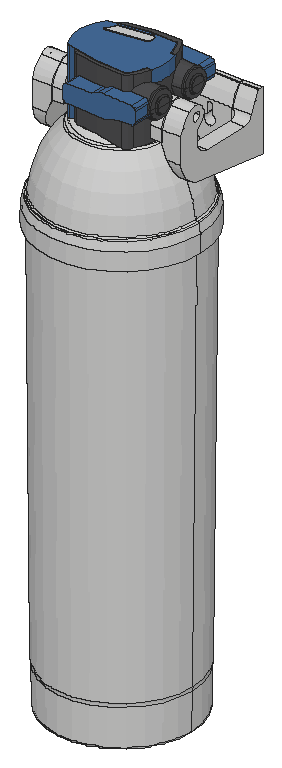
Revit family "QF_Vivreau_PURITY C500 Quell ST Advanced", category Specialty Equipment, Revit 2020
Family settings
  Round Connector Dimension = Use Diameter
  Part Type = Normal
  OmniClass Number = 23.40.40.14.24
  OmniClass Title = Food Dispensing Equipment
  Work Plane-Based = No
  Always vertical = Yes
  Cut with Voids When Loaded = No
  Shared = No
  Room Calculation Point = No
Parameters
  Width = 0' - 5 55/64"  # constant formula
  Weight in Pounds = 10.14
  Wall Bracket Location [instance] = if(Wall Bracket, 0' 0 15/16", 0' 0")  # 0' - 0 15/16"
  Wall Bracket [instance] = yes
  URL Cutsheet = "https://vivreauwater.com/wp-content/uploads/2024/06/Datasheet_VIVREAU_PURITY_C_Quell_ST_Advanced.pdf"
  URL = "https://vivreauwater.com/products/purity-c-quell-st-advanced/"
  Status = ""
  Specification by User [instance] = ""
  Specification by Manufacturer = "(1054237) Vivreau Purity C500 Quell ST ADVANCED Filter Exchange cartridge, up to 1,796 gallons capacity, catalytic carbon, ion exchange for scale, chloramine protection, taste, odor NSF (NET)"
  Serial Number [instance] = ""
  Seismic Rating = ""
  SMACNA No = ""
  Revision Code = ""
  Plumbing Remarks = ""
  Plumbing Connection Type = "NPT"
  NAFEM Spec ID Number = ""
  Mounting Height [instance] = 3' - 0"
  Model = "PURITY C500 Quell ST Advanced"
  Masterspec = "Division 11"
  Manufacturer = "Vivreau"
  Item Number [instance] = ""
  Installed By [instance] = ""
  Identify Quantity as Lot = yes
  Height = 1' - 9 197/256"  # constant formula
  Furnished By [instance] = ""
  Foodservice Equipment Identifier = yes
  Description = "Water Filter"
  Depth = 0' - 5 221/256"  # constant formula
  Default Elevation = 0' - 0"
  Cold Water Temperature Recommended = 40 °F
  Cold Water Size = 1/2"
  Cold Water RI Height = 0' - 0"
  Cold Water Minimum Pressure = 29.00 psi
  Cold Water Maximum Pressure = 124.00 psi
  Cold Water Flow = 0.440 GPM
  Cold Water Connection Height = 1' - 9"
  CSI MasterFormat = "11 46 00"
  Assembly Code = "E1090320"
Reference planes (in)
  plane 1 "BACK": y = 0
  plane 2 "REF. LAYER": z = 0
  plane 3 "Center (Left/Right)": x = 2.125
  plane 4 "Center (Front/Back)": y = -2.125
  plane 5 "Center (Bottom/Top)": z = 47.29316
  plane 6 "Center F/C": z = 57.76953
  plane 7 "Center F/G": z = 55.95224
  plane 8 "Center F/I": z = 56.86797
  plane 9 "Center F/J": x = 4.31004
  plane 10 "Center F/K": y = 0.9375
  plane 11 "Center F/S": z = 36
  plane 12 "Center F/T": x = -0.80556
  plane 13 "Center F/U": x = 5.05382
  plane 14 "Center F/V": y = -5.05612
  plane 15 "Center F/W": y = 0.80717
Forms (in)
  Revolve 1, solid, material "QF_Plastic-Grey-Vivreau"
    sketch origin (0, -2.125, 0) x (1, 0, 0) y (0, 0, 1)
      loop
        arc (2.12444, 36.23045) -> (3.38956, 36.25642) -> (4.59798, 36.63181) r 4.52345
        line (4.59798, 36.63181) -> (4.59798, 36.02069)
        arc (4.59798, 36.02069) -> (4.60404, 36.00606) -> (4.61867, 36) r 0.02069
        line (4.61867, 36) -> (4.70235, 36)
        arc (4.70235, 36) -> (4.71703, 36.00604) -> (4.7232, 36.02067) r 0.02085
        line (4.7232, 36.02067) -> (4.73499, 37.37156)
        arc (4.73499, 37.37156) -> (4.74215, 37.44281) -> (4.76216, 37.51157) r 0.39196
        line (4.76216, 37.51157) -> (4.88652, 51.95047) -> (5.05382, 51.95047) -> (5.04822, 52.59214) -> (4.96637, 52.8976)
        arc (4.96637, 52.8976) -> (4.95231, 52.91865) -> (4.92834, 52.92678) r 0.03937
        line (4.92834, 52.92678) -> (4.89246, 52.92678)
        arc (4.89246, 52.92678) -> (4.86528, 52.93767) -> (4.85313, 52.96431) r 0.03937
        arc (4.85313, 52.96431) -> (4.53924, 54.20428) -> (3.80842, 55.25402) r 3.57005
        arc (3.80842, 55.25402) -> (3.78071, 55.28126) -> (3.75272, 55.30821) r 3.6804
        arc (3.75272, 55.30821) -> (3.71893, 55.3366) -> (3.68187, 55.36057) r 0.35433
        arc (3.68187, 55.36057) -> (3.5672, 55.42144) -> (3.44977, 55.47679) r 2.72835
        line (3.44977, 55.47679) -> (3.02328, 55.47679) -> (3.02328, 55.95224) -> (2.12444, 55.95224) -> (2.12444, 36.23045)
      axis (2.12444, 55.95224) -> (2.12444, 36)
    angle from 0 to 360
Lines and regions (in)
  symbolic lines
    curve 1: arc (-0.58802, -1.01552, 0) -> (2.12941, -5.05611, 0) -> (4.83467, -1.00736, 0) r 2.93112
    curve 2: arc (0.66677, 0.41764, 0) -> (0.46868, 0.29327, 0) -> (0.28114, 0.15351, 0) r 2.93112
    curve 3: arc (3.96719, 0.15486, 0) -> (3.78043, 0.29388, 0) -> (3.58323, 0.41764, 0) r 2.93112
Dimensions and locks (in)
  plane 4 "Center (Front/Back)" to plane 1 "BACK" = 0' - 2 1/8"
  plane 8 "Center F/I" to plane 7 "Center F/G" to plane 5 "Center (Bottom/Top)" to plane 11 "Center F/S" = 0' - 0.91573" locked, 0' - 8.65907" locked, 0' - 11.29316" locked
  "Wall Bracket Location": plane 1 "BACK" to plane 10 "Center F/K"
  "Height": plane 6 "Center F/C" to plane 11 "Center F/S"
  "Mounting Height": plane 11 "Center F/S" to plane 2 "REF. LAYER"
  "Depth": plane 15 "Center F/W" to plane 14 "Center F/V"
  "Width": plane 12 "Center F/T" to plane 13 "Center F/U"
  aligned and locked: level to plane 2 "REF. LAYER"
  aligned and locked: plane 10 "Center F/K" to nested 2
  aligned and locked: plane 4 "Center (Front/Back)" to nested 1
  aligned and locked: plane 7 "Center F/G" to Revolve 1 sketch curve
  aligned and locked: plane 11 "Center F/S" to Revolve 1 sketch curve
Automatic sketch dimensions
  Revolve 1 sketch curve to plane 3 "Center (Left/Right)" = 0' - 0.91066"
  Revolve 1 sketch curve to Revolve 1 sketch curve = 0' - 0.07695"
  Revolve 1 sketch curve to plane 3 "Center (Left/Right)" = 0' - 0.00056"  (x2)
  plane 3 "Center (Left/Right)" to Revolve 1 sketch curve = 0' - 0.22066"
  plane 3 "Center (Left/Right)" to Revolve 1 sketch curve = 0' - 0.54005"
  Revolve 1 sketch curve to plane 7 "Center F/G" = 0' - 0.47545"
  plane 3 "Center (Left/Right)" to Revolve 1 sketch curve = 0' - 0.89828"
  Revolve 1 sketch curve to Revolve 1 sketch curve = 0' - 0.42649"
  Revolve 1 sketch curve to Revolve 1 sketch curve = 0' - 0.05856"
  plane 9 "Center F/J" to Revolve 1 sketch curve = 0' - 0.28794"
  plane 11 "Center F/S" to Revolve 1 sketch curve = 0' - 0.02069"
  Revolve 1 sketch curve to Revolve 1 sketch curve = 0' - 0.08369"
  plane 11 "Center F/S" to Revolve 1 sketch curve = 0' - 0.02067"
  Revolve 1 sketch curve to Revolve 1 sketch curve = 0' - 0.02085"
  plane 9 "Center F/J" to Revolve 1 sketch curve = 0' - 0.42495"
  Revolve 1 sketch curve to Revolve 1 sketch curve = 0' - 0.02717"
  plane 13 "Center F/U" to Revolve 1 sketch curve = 0' - 0.16729"
  plane 13 "Center F/U" to Revolve 1 sketch curve = 0' - 0.16136"
  Revolve 1 sketch curve to Revolve 1 sketch curve = 0' - 0.03588"
  Revolve 1 sketch curve to Revolve 1 sketch curve = 0' - 0.03803"
  plane 13 "Center F/U" to Revolve 1 sketch curve = 0' - 0.0056"
  plane 13 "Center F/U" to Revolve 1 sketch curve = 0' - 0"
  Revolve 1 sketch curve to plane 13 "Center F/U" = 0' - 0.07312"
  plane 11 "Center F/S" to Revolve 1 sketch curve = 0' - 0.23045"
  Revolve 1 sketch curve to Revolve 1 sketch curve = 0' - 0.61112"
  Revolve 1 sketch curve to Revolve 1 sketch curve = 0' - 0.73632"
  Revolve 1 sketch curve to Revolve 1 sketch curve = 0' - 0.00344"
  Revolve 1 sketch curve to Revolve 1 sketch curve = 0' - 0.64166"
  Revolve 1 sketch curve to plane 7 "Center F/G" = 0' - 3.30897"
  Revolve 1 sketch curve to Revolve 1 sketch curve = 0' - 0.0791"
  Revolve 1 sketch curve to Revolve 1 sketch curve = 0' - 0.29528"
  Revolve 1 sketch curve to Revolve 1 sketch curve = 0' - 0.01019"
  Revolve 1 sketch curve to Revolve 1 sketch curve = 0' - 0.03937"
  Revolve 1 sketch curve to Revolve 1 sketch curve = 0' - 0.25946"
  Revolve 1 sketch curve to Revolve 1 sketch curve = 0' - 0.42514"
  Revolve 1 sketch curve to Revolve 1 sketch curve = 0' - 0"  (x3)
  Revolve 1 sketch curve to Revolve 1 sketch curve = 0' - 0.0557"
  Revolve 1 sketch curve to Revolve 1 sketch curve = 0' - 0.99634"
  Revolve 1 sketch curve to Revolve 1 sketch curve = 0' - 0 3/4"
  curve 1 to curve 2 = 0' - 0"  (x2)
  curve 1 to curve 3 = 0' - 0"  (x2)
  curve 2 to curve 3 = 0' - 0"  (x2)
  curve 1 to plane 3 "Center (Left/Right)" = 0' - 0"
  plane 4 "Center (Front/Back)" to curve 2 = 0' - 0"
  curve 2 to plane 1 "BACK" = 0' - 0.41764"
  curve 2 to plane 3 "Center (Left/Right)" = 0' - 1.45823"
  curve 2 to plane 1 "BACK" = 0' - 0.15351"
  plane 12 "Center F/T" to curve 1 = 0' - 0.21753"
  curve 3 to plane 9 "Center F/J" = 0' - 0.72681"
  curve 3 to plane 1 "BACK" = 0' - 0.15486"
  curve 3 to plane 9 "Center F/J" = 0' - 0.34285"
  plane 13 "Center F/U" to curve 1 = 0' - 0.21915"
  plane 1 "BACK" to curve 1 = 0' - 1.01552"
Nested families (in)
  nested 1: "QF_Vivreau_ Filter Head_C500" at (0.56167, -0.22503, 0), Mounting Height <- "Mounting Height", type "QF_Vivreau_ Filter Head_C500"
    with Specification by User "", Serial Number "", Mounting Height 3' - 0", Installed By "", Furnished By ""
  nested 2: "QF_Vivreau_Wall Bracket_C500" at (-0.61927, 0.9375, 0), Mounting Height <- "Mounting Height", visible <- "Wall Bracket", type "QF_Vivreau_Wall Bracket_C500"
    with Specification by User "", Serial Number "", Mounting Height 3' - 0", Installed By "", Furnished By ""
Connectors (in)
  piping at (4.31004, -2.9124, 56.91406), diameter 0.5, driven by "Cold Water Size", driven by "Cold Water Flow"
    settings: on nested 1, index 1, connector inside diameter 24", connector length 0' - 0", flow factor 0, pipe flow 0.440 GPM, pressure drop 0.00 psi, fitting loss kfactor 0, connector angle 0.00°, fixture units 0, engagement length 0' - 0", angle of deflection 0.00°, flow configuration 1, flow direction 1, fitting loss method 0, system type 20, joint type 0, gender type 0, connector reference index -1, connector utility 0, adjustable connector no, is connector primary yes, connector description "Cold Water"
Definition of nested family "QF_Vivreau_ Filter Head_C500"
  Parameters (values of type "QF_Vivreau_ Filter Head_C500")
    Width = 3' - 0"
    Weight in Pounds = 0
    URL Cutsheet = ""
    Status = ""
    Specification by User [instance] = ""
    Specification by Manufacturer = ""
    Serial Number [instance] = ""
    Seismic Rating = ""
    SMACNA No = ""
    Revision Code = ""
    NAFEM Spec ID Number = ""
    Mounting Height [instance] = 3' - 0"
    Masterspec = ""
    Installed By [instance] = ""
    Identify Quantity as Lot = yes
    Height = 3' - 0"
    Furnished By [instance] = ""
    Foodservice Equipment Identifier = yes
    Depth = 3' - 0"
    Default Elevation = 0' - 0"
    CSI MasterFormat = ""
  Reference planes (in)
    plane 1 "BACK": y = 0
    plane 2 "REF. LAYER": z = 0
    plane 3 "LEFT": x = 0
    plane 4 "Center F/C": x = 3.74837
    plane 5 "Center F/D": y = -3.83618
    plane 6 "Center F/E": z = 56.91406
    plane 7 "Center F/F": z = 57.76895
    plane 8 "Center F/G": z = 55.34513
    plane 9 "Center F/H": z = 56.44072
    plane 10 "Center F/I": z = 57.26882
    plane 11 "Center F/J": y = -1.89997
    plane 12 "Center F/P": z = 36
    plane 13 "Center F/Q": z = 57.62614
  Forms (in)
    Extrusion 1, solid
      sketch origin (-0.56167, 0.22503, 0) x (1, 0, 0) y (0, 1, 0)
        loop
          arc (3.17939, -3.30146) -> (3.22697, -3.28602) -> (3.25911, -3.24769) r 0.09059
          arc (3.25911, -3.24769) -> (3.55796, -2.125) -> (3.25911, -1.00231) r 2.25819
          arc (3.25911, -1.00231) -> (3.22697, -0.96398) -> (3.17939, -0.94854) r 0.09059
          arc (3.17939, -0.94854) -> (2.02567, -0.99526) -> (0.89165, -1.21272) r 7.75678
          arc (0.89165, -1.21272) -> (0.86179, -1.21999) -> (0.83702, -1.2382) r 0.07824
          arc (0.83702, -1.2382) -> (0.56167, -2.125) -> (0.83702, -3.0118) r 1.56569
          arc (0.83702, -3.0118) -> (0.86179, -3.03001) -> (0.89165, -3.03728) r 0.07824
          arc (0.89165, -3.03728) -> (2.02567, -3.25474) -> (3.17939, -3.30146) r 7.75678
      from 55.34513 to 57.76895
    Revolve 2, solid
      sketch origin (-16.04659, -180, 56.91406) x (-1, 0, 0) y (0, -1, 0)
        loop
          line (-19.59812, -178.88743) -> (-18.72075, -178.88743) -> (-18.7668, -178.36111) -> (-19.59812, -178.37562) -> (-19.59812, -178.88743)
        axis (-18.72075, -178.88743) -> (-19.59812, -178.88743)
      angle from 0 to 360
    Revolve 3, solid
      sketch origin (-16.04659, -180, 56.91406) x (-1, 0, 0) y (0, -1, 0)
        loop
          line (-19.59812, -177.31262) -> (-18.72075, -177.31262) -> (-18.7668, -176.7863) -> (-19.59812, -176.80081) -> (-19.59812, -177.31262)
        axis (-18.72075, -177.31262) -> (-19.59812, -177.31262)
      angle from 0 to 360
    Extrusion 4, void
      sketch origin (-0.56167, 0.22503, 0) x (0, 1, 0) y (0, 0, 1)
        loop
          circle (-2.125, 56.38257) r 0.20757
      from 3.17075 to 3.70744
    Extrusion 5, void
      sketch origin (-2.8954, 0.22503, 0) x (0, 1, 0) y (0, 0, 1)
        loop
          circle (-2.125, 56.38257) r 0.20757
      from 2.77402 to 3.28855
    Revolve 6, solid
      sketch origin (-16.04659, -180, 56.91406) x (-1, 0, 0) y (0, -1, 0)
        loop
          line (-19.59812, -178.88743) -> (-19.59812, -178.41499) -> (-19.69654, -178.41499) -> (-19.69654, -178.58034) -> (-19.73591, -178.58379) -> (-19.73591, -178.63349) -> (-19.79497, -178.63349) -> (-19.79497, -178.88743) -> (-19.59812, -178.88743)
        axis (-19.59812, -178.88743) -> (-19.79497, -178.88743)
      angle from 0 to 360
    Revolve 7, solid
      sketch origin (-16.04659, -180, 56.91406) x (-1, 0, 0) y (0, -1, 0)
        loop
          line (-19.59812, -177.31262) -> (-19.59812, -176.84018) -> (-19.69654, -176.84018) -> (-19.69654, -177.00554) -> (-19.73591, -177.00898) -> (-19.73591, -177.05869) -> (-19.79497, -177.05869) -> (-19.79497, -177.31262) -> (-19.59812, -177.31262)
        axis (-19.59812, -177.31262) -> (-19.79497, -177.31262)
      angle from 0 to 360
    Extrusion 8, solid
      sketch origin (0, 0, 0) x (0, 1, 0) y (0, 0, 1)
        loop
          circle (-1.89997, 56.38257) r 0.20757
        loop
          circle (-1.89997, 56.38257) r 0.14507
      from 2.60908 to 3.01441
    Extrusion 9, solid
      sketch origin (-2.62125, 0, 0) x (0, 1, 0) y (0, 0, 1)
        loop
          circle (-1.89997, 56.38257) r 0.20757
        loop
          circle (-1.89997, 56.38257) r 0.14507
      from 2.60908 to 3.01441
    Extrusion 10, solid
      sketch origin (0, 0, 17.66797) x (1, 0, 0) y (0, 1, 0)
        loop
          arc (2.61773, -0.72352) -> (2.65703, -0.73399) -> (2.68778, -0.7606) r 0.09059
          arc (2.68778, -0.7606) -> (2.99629, -1.89997) -> (2.68778, -3.03935) r 2.25819
          arc (2.68778, -3.03935) -> (2.65703, -3.06596) -> (2.61773, -3.07643) r 0.09059
          arc (2.61773, -3.07643) -> (1.60555, -3.04475) -> (0.60613, -2.88147) r 7.75678
          arc (0.60613, -2.88147) -> (0.72009, -2.98959) -> (0.8462, -3.08325) r 1.30616
          arc (0.8462, -3.08325) -> (1.72654, -3.2138) -> (2.6163, -3.23254) r 7.05821
          arc (2.6163, -3.23254) -> (2.77551, -3.16312) -> (2.87152, -3.01839) r 0.30684
          arc (2.87152, -3.01839) -> (3.18694, -1.89997) -> (2.87152, -0.78156) r 2.14057
          arc (2.87152, -0.78156) -> (2.77551, -0.63683) -> (2.6163, -0.5674) r 0.30684
          arc (2.6163, -0.5674) -> (1.72654, -0.58614) -> (0.8462, -0.7167) r 7.05821
          arc (0.8462, -0.7167) -> (0.72009, -0.81036) -> (0.60613, -0.91847) r 1.30616
          arc (0.60613, -0.91847) -> (1.60555, -0.7552) -> (2.61773, -0.72352) r 7.75678
      from 37.67716 to 40.10098
    Extrusion 11, void
      sketch origin (0, 0, 17.66797) x (1, 0, 0) y (0, 1, 0)
        loop
          arc (2.92876, -1.35185) -> (2.99629, -1.89997) -> (2.92876, -2.4481) r 2.25819
          line (2.92876, -2.4481) -> (3.11557, -2.4481)
          arc (3.11557, -2.4481) -> (3.18694, -1.89997) -> (3.11557, -1.35185) r 2.14057
          line (3.11557, -1.35185) -> (2.92876, -1.35185)
      from 40.10098 to 39.60085
    Extrusion 12, solid
      sketch origin (0, 0, 14.25781) x (1, 0, 0) y (0, 1, 0)
        loop
          arc (0.70049, -1.02146) -> (0.59462, -1.21203) -> (0.51669, -1.41563) r 1.54109
          arc (0.51669, -1.41563) -> (0.54, -1.44367) -> (0.57618, -1.44818) r 0.04958
          arc (0.57618, -1.44818) -> (1.21574, -1.31536) -> (1.86503, -1.24405) r 6.85047
          arc (1.86503, -1.24405) -> (2.03249, -1.03201) -> (1.82552, -0.85833) r 0.19395
          arc (1.82552, -0.85833) -> (1.26009, -0.91975) -> (0.70049, -1.02146) r 7.94315
      from 43.36833 to 43.51113
    Extrusion 13, solid
      sketch origin (0, 0, 17.66797) x (1, 0, 0) y (0, 1, 0)
        loop
          arc (3.11557, -2.4481) -> (3.18694, -1.89997) -> (3.11557, -1.35185) r 2.14057
          line (3.11557, -1.35185) -> (2.92876, -1.35185)
          arc (2.92876, -1.35185) -> (2.99629, -1.89997) -> (2.92876, -2.4481) r 2.25819
          line (2.92876, -2.4481) -> (3.11557, -2.4481)
      from 39.60085 to 40.10098
    Extrusion 14, void
      sketch origin (0, 0, 14.75) x (1, 0, 0) y (0, 1, 0)
        loop
          arc (0.57618, -1.44818) -> (1.21574, -1.31536) -> (1.86503, -1.24405) r 6.85047
          arc (1.86503, -1.24405) -> (2.03249, -1.03201) -> (1.82552, -0.85833) r 0.19395
          arc (1.82552, -0.85833) -> (1.26009, -0.91975) -> (0.70049, -1.02146) r 7.94315
          arc (0.70049, -1.02146) -> (0.59462, -1.21203) -> (0.51669, -1.41563) r 1.54109
          arc (0.51669, -1.41563) -> (0.54, -1.44367) -> (0.57618, -1.44818) r 0.04958
      from 42.87614 to 43.01895
  Cuts and joins
    Extrusion 4, Extrusion 5, Extrusion 14 cuts Extrusion 1
    joined: Extrusion 1, Extrusion 13
    Extrusion 11 cuts Extrusion 10
  Lines and regions (in)
    symbolic lines
      curve 1: arc (0.32999, -2.81225, 0) -> (1.464, -3.02972, 0) -> (2.61773, -3.07643, 0) r 7.75678
      curve 2: arc (2.61773, -3.07643, 0) -> (2.6653, -3.061, 0) -> (2.69744, -3.02266, 0) r 0.09059
      curve 3: arc (2.69744, -3.02266, 0) -> (2.99629, -1.89997, 0) -> (2.69744, -0.77728, 0) r 2.25819
      curve 4: arc (2.69744, -0.77728, 0) -> (2.6653, -0.73895, 0) -> (2.61773, -0.72352, 0) r 0.09059
      curve 5: arc (2.61773, -0.72352, 0) -> (1.464, -0.77023, 0) -> (0.32999, -0.9877, 0) r 7.75678
      curve 6: arc (0.32999, -0.9877, 0) -> (0.30012, -0.99496, 0) -> (0.27535, -1.01317, 0) r 0.07824
      curve 7: arc (0.27535, -1.01317, 0) -> (0, -1.89997, 0) -> (0.27535, -2.78678, 0) r 1.56569
      curve 8: arc (0.27535, -2.78678, 0) -> (0.30012, -2.80499, 0) -> (0.32999, -2.81225, 0) r 0.07824
      curve 9: line (3.74837, -2.94131, 0) -> (3.68932, -2.94131, 0)
      curve 10: arc (0.85161, -0.6986, 0) -> (0.82653, -0.78661, 0) -> (0.80424, -0.87538, 0) r 2.89017
      curve 11: arc (0.85161, -0.6986, 0) -> (0.87512, -0.61425, 0) -> (0.90582, -0.53225, 0) r 1.0142
      curve 12: arc (0.90582, -0.53225, 0) -> (0.95826, -0.37458, 0) -> (1.01402, -0.21806, 0) r 7.87402
      curve 13: arc (1.01402, -0.21806, 0) -> (1.03304, -0.19156, 0) -> (1.06321, -0.17918, 0) r 0.05912
      curve 14: arc (1.06321, -0.17918, 0) -> (2.22788, -0.07327, 0) -> (3.39529, -0.1428, 0) r 7.79531
      curve 15: arc (3.39529, -0.1428, 0) -> (3.42859, -0.1583, 0) -> (3.44724, -0.18996, 0) r 0.0619
      curve 16: arc (3.44724, -0.18996, 0) -> (3.48188, -0.39473, 0) -> (3.50801, -0.60076, 0) r 5.02104
      curve 17: line (3.64995, -0.64013, 0) -> (3.55152, -0.64013, 0)
      curve 18: line (3.55152, -0.64013, 0) -> (3.55152, -0.60076, 0)
      curve 19: line (3.55152, -0.60076, 0) -> (3.50801, -0.60076, 0)
      curve 20: line (3.55152, -0.64013, 0) -> (3.55152, -1.62438, 0)
      curve 21: line (3.55152, -1.62438, 0) -> (2.98062, -1.63435, 0)
      curve 22: line (3.64995, -1.58501, 0) -> (3.55152, -1.58501, 0)
      curve 23: line (3.64995, -1.58501, 0) -> (3.64995, -0.64013, 0)
      curve 24: line (3.68932, -1.41621, 0) -> (3.64995, -1.41966, 0)
      curve 25: line (3.68932, -1.41621, 0) -> (3.68932, -0.80849, 0)
      curve 26: line (3.74837, -0.85864, 0) -> (3.68932, -0.85864, 0)
      curve 27: line (3.74837, -0.85864, 0) -> (3.74837, -1.36651, 0)
      curve 28: line (3.74837, -1.36651, 0) -> (3.68932, -1.36651, 0)
      curve 29: line (3.64995, -3.15982, 0) -> (3.55152, -3.15982, 0)
      curve 30: line (3.55152, -3.15982, 0) -> (3.55152, -3.19919, 0)
      curve 31: line (3.55152, -3.19919, 0) -> (3.50801, -3.19919, 0)
      curve 32: line (3.55152, -3.15982, 0) -> (3.55152, -2.17556, 0)
      curve 33: line (3.64995, -2.21493, 0) -> (3.55152, -2.21493, 0)
      curve 34: line (3.64995, -2.21493, 0) -> (3.64995, -3.15982, 0)
      curve 35: line (3.68932, -2.38373, 0) -> (3.64995, -2.38029, 0)
      curve 36: line (3.68932, -2.38373, 0) -> (3.68932, -2.99146, 0)
      curve 37: line (3.74837, -2.94131, 0) -> (3.68932, -2.94131, 0)
      curve 38: line (3.74837, -2.94131, 0) -> (3.74837, -2.43344, 0)
      curve 39: line (3.74837, -2.43344, 0) -> (3.68932, -2.43344, 0)
      curve 40: arc (0.85161, -3.10135, 0) -> (0.82653, -3.01334, 0) -> (0.80424, -2.92457, 0) r 2.89017
      curve 41: arc (0.85161, -3.10135, 0) -> (0.87512, -3.1857, 0) -> (0.90582, -3.2677, 0) r 1.0142
      curve 42: arc (0.90582, -3.2677, 0) -> (0.95826, -3.42537, 0) -> (1.01402, -3.58189, 0) r 7.87402
      curve 43: arc (1.01402, -3.58189, 0) -> (1.03304, -3.60839, 0) -> (1.06321, -3.62077, 0) r 0.05912
      curve 44: arc (1.06321, -3.62077, 0) -> (2.22788, -3.72667, 0) -> (3.39529, -3.65715, 0) r 7.79531
      curve 45: arc (3.39529, -3.65715, 0) -> (3.42859, -3.64164, 0) -> (3.44724, -3.60999, 0) r 0.0619
      curve 46: arc (3.44724, -3.60999, 0) -> (3.48188, -3.40522, 0) -> (3.50801, -3.19919, 0) r 5.02104
      curve 47: line (3.55152, -3.15982, 0) -> (3.55152, -3.19919, 0)
      curve 48: line (3.55152, -3.19919, 0) -> (3.50801, -3.19919, 0)
      curve 49: line (3.55152, -3.15982, 0) -> (3.55152, -2.17556, 0)
      curve 50: line (3.55152, -2.17556, 0) -> (2.98062, -2.1656, 0)
      curve 51: line (0, 0, 0) -> (3.74837, 0, 0)
      curve 52: line (0, -1.89997, 0) -> (2.99629, -1.89997, 0)
      curve 53: line (3.64995, -0.80549, 0) -> (3.68932, -0.80849, 0)
      curve 54: line (3.64995, -2.99446, 0) -> (3.68932, -2.99146, 0)
  Dimensions and locks (in)
    plane 7 "Center F/F" to plane 10 "Center F/I" to plane 6 "Center F/E" to plane 9 "Center F/H" to plane 8 "Center F/G" = 0' - 0.50013" locked, 0' - 0.35475" locked, 0' - 0.47334" locked, 0' - 1.09559" locked
    plane 5 "Center F/D" to plane 11 "Center F/J" to plane 1 "BACK" = 0' - 1.93621" locked, 0' - 1.89997" locked
    locked: plane 6 "Center F/E" to nested 1 at 0.05953
    locked: plane 8 "Center F/G" to plane 12 "Center F/P" at 19.34513
    "Mounting Height": plane 12 "Center F/P" to plane 2 "REF. LAYER"
    locked: plane 7 "Center F/F" to plane 13 "Center F/Q" at 0.14281
    aligned and locked: level to plane 2 "REF. LAYER"
    aligned and locked: plane 7 "Center F/F" to cut or joined group of Extrusion 1, Extrusion 4, Extrusion 5, Extrusion 13, Extrusion 14
    aligned and locked: cut or joined group of Extrusion 1, Extrusion 4, Extrusion 5, Extrusion 13, Extrusion 14 to plane 8 "Center F/G"
    aligned and locked: nested 1 to plane 11 "Center F/J"
    aligned and locked: plane 11 "Center F/J" to nested 1
    aligned and locked: Extrusion 10 to plane 8 "Center F/G"
    aligned and locked: plane 7 "Center F/F" to Extrusion 10
    aligned and locked: Extrusion 13 to plane 10 "Center F/I"
    aligned and locked: Extrusion 11 to plane 7 "Center F/F"
    aligned and locked: Extrusion 11 to plane 10 "Center F/I"
    aligned and locked: plane 7 "Center F/F" to Extrusion 13
    aligned and locked: Extrusion 12 to plane 13 "Center F/Q"
    aligned and locked: plane 7 "Center F/F" to Extrusion 12
    aligned and locked: Extrusion 14 to plane 13 "Center F/Q"
    aligned and locked: plane 7 "Center F/F" to Extrusion 14
  Automatic sketch dimensions
    curve 51 to level = 0' - 0"
    curve 51 to plane 3 "LEFT" = 0' - 0"
    curve 51 to plane 4 "Center F/C" = 0' - 0"
    curve 52 to plane 3 "LEFT" = 0' - 0"
    plane 11 "Center F/J" to curve 3 = 0' - 0"
    plane 11 "Center F/J" to curve 7 = 0' - 0"
    plane 11 "Center F/J" to curve 52 = 0' - 0"
    curve 39 to plane 4 "Center F/C" = 0' - 0"
    curve 28 to plane 4 "Center F/C" = 0' - 0"
    curve 16 to plane 3 "LEFT" = 0' - 1.48511"
    curve 46 to plane 3 "LEFT" = 0' - 1.48511"
    plane 3 "LEFT" to curve 8 = 0' - 0.33318"
    plane 3 "LEFT" to curve 6 = 0' - 0.33318"
    plane 3 "LEFT" to curve 3 = 0' - 0.7381"
    plane 1 "BACK" to curve 13 = 0' - 0.23795"
    plane 3 "LEFT" to curve 13 = 0' - 1.0697"
    curve 43 to plane 5 "Center F/D" = 0' - 0.27418"
    plane 3 "LEFT" to curve 43 = 0' - 1.0697"
    curve 3 to curve 7 = 0' - 0.82759"
    curve 7 to curve 11 = 0' - 0.27372"
    curve 7 to curve 41 = 0' - 0.27372"
    curve 14 to plane 4 "Center F/C" = 0' - 1.39888"
    curve 44 to plane 4 "Center F/C" = 0' - 1.39888"
    curve 44 to curve 1 = 0' - 0.00431"
    curve 14 to curve 5 = 0' - 0.00431"
    curve 41 to curve 2 = 0' - 0.77523"
    curve 11 to curve 4 = 0' - 0.77523"
    plane 1 "BACK" to curve 15 = 0' - 0.20414"
    curve 15 to plane 4 "Center F/C" = 0' - 0.36139"
    curve 45 to plane 4 "Center F/C" = 0' - 0.36139"
    curve 48 to plane 4 "Center F/C" = 0' - 0.24036"
    curve 19 to plane 4 "Center F/C" = 0' - 0.24036"
    curve 16 to curve 19 = 0' - 0.04351"
    curve 31 to curve 48 = 0' - 0.04351"
    curve 22 to curve 10 = 0' - 0.0667"
    curve 33 to curve 40 = 0' - 0.0667"
    curve 17 to curve 17 = 0' - 0.09843"
    curve 29 to curve 34 = 0' - 0.09843"
    curve 24 to curve 25 = 0' - 0.03937"
    curve 35 to curve 35 = 0' - 0.03937"
    plane 1 "BACK" to curve 42 = 0' - 0.86161"
    plane 4 "Center F/C" to curve 42 = 0' - 4.65484"
    curve 12 to plane 5 "Center F/D" = 0' - 0.89785"
    curve 12 to curve 42 = 0' - 0"
    curve 45 to plane 5 "Center F/D" = 0' - 0.24037"
    plane 5 "Center F/D" to curve 14 = 0' - 4.03145"
    curve 5 to curve 14 = 0' - 0.60817"
    curve 45 to curve 47 = 0' - 0.39662"
    curve 30 to curve 34 = 0' - 0.03937"
    curve 29 to curve 36 = 0' - 0.16836"
    curve 2 to plane 5 "Center F/D" = 0' - 0.85029"
    curve 36 to curve 9 = 0' - 0.05014"
    curve 2 to curve 41 = 0' - 0.11446"
    plane 11 "Center F/J" to curve 8 = 0' - 0.8341"
    plane 11 "Center F/J" to curve 46 = 0' - 0.77047"
    curve 9 to curve 39 = 0' - 0.50787"
    curve 39 to curve 36 = 0' - 0.04971"
    curve 35 to curve 40 = 0' - 0.11843"
    curve 40 to curve 34 = 0' - 0.05037"
    curve 33 to curve 49 = 0' - 0.03937"
    curve 21 to plane 11 "Center F/J" = 0' - 0.27559"
    curve 20 to curve 22 = 0' - 0.03937"
    curve 22 to curve 10 = 0' - 0.05037"
    curve 10 to curve 24 = 0' - 0.11843"
    curve 24 to curve 27 = 0' - 0.04971"
    curve 16 to plane 11 "Center F/J" = 0' - 0.77047"
    curve 6 to plane 11 "Center F/J" = 0' - 0.8341"
    plane 1 "BACK" to curve 11 = 0' - 0.92852"
    curve 27 to curve 26 = 0' - 0.50787"
    curve 11 to curve 4 = 0' - 0.11446"
    curve 26 to curve 25 = 0' - 0.05014"
    curve 25 to curve 17 = 0' - 0.16836"
    curve 17 to curve 19 = 0' - 0.03937"
    curve 44 to plane 1 "BACK" = 0' - 4.06768"
    curve 44 to curve 1 = 0' - 0.60817"
    curve 8 to curve 8 = 0' - 0.05783"
    curve 6 to curve 6 = 0' - 0.05783"
    curve 7 to curve 6 = 0' - 0.05464"
    curve 8 to curve 8 = 0' - 0.05464"
    curve 8 to curve 40 = 0' - 0.47425"
    curve 5 to curve 10 = 0' - 0.47425"
    curve 40 to curve 40 = 0' - 0.04737"
    curve 10 to curve 10 = 0' - 0.04737"
    curve 10 to curve 11 = 0' - 0.05421"
    curve 41 to curve 41 = 0' - 0.05421"
    curve 43 to curve 43 = 0' - 0.05568"
    curve 12 to curve 13 = 0' - 0.05568"
    curve 43 to curve 43 = 0' - 0.00649"
    curve 13 to curve 13 = 0' - 0.00649"
    curve 4 to curve 5 = 0' - 0"
    curve 2 to curve 1 = 0' - 0"
    curve 2 to curve 2 = 0' - 0.08279"
    curve 21 to plane 11 "Center F/J" = 0' - 0 17/64"
    plane 11 "Center F/J" to curve 50 = 0' - 0 17/64"
    curve 15 to curve 14 = 0' - 0"
    curve 45 to curve 44 = 0' - 0"
    curve 54 to curve 36 = 0' - 0.00301"
    curve 35 to curve 35 = 0' - 0.00344"
    curve 24 to curve 24 = 0' - 0.00344"
    curve 25 to curve 53 = 0' - 0.00301"
    plane 11 "Center F/J" to Extrusion 1 sketch curve = 0' - 0"  (x2)
    plane 3 "LEFT" to Extrusion 1 sketch curve = 0' - 0.33318"  (x2)
    plane 3 "LEFT" to Extrusion 1 sketch curve = 0' - 0.7381"
    Extrusion 1 sketch curve to Extrusion 1 sketch curve = 0' - 0.82759"
    Extrusion 1 sketch curve to plane 4 "Center F/C" = 0' - 1.39457"  (x2)
    Extrusion 1 sketch curve to plane 4 "Center F/C" = 0' - 1.13373"  (x2)
    plane 11 "Center F/J" to Extrusion 1 sketch curve = 0' - 0.8341"
    Extrusion 1 sketch curve to plane 5 "Center F/D" = 0' - 0.85029"
    plane 5 "Center F/D" to Extrusion 1 sketch curve = 0' - 4.63962"
    Extrusion 1 sketch curve to plane 11 "Center F/J" = 0' - 0.8341"
    plane 1 "BACK" to Extrusion 1 sketch curve = 0' - 0.81406"
    Extrusion 1 sketch curve to plane 1 "BACK" = 0' - 4.67585"
    Extrusion 1 sketch curve to Extrusion 1 sketch curve = 0' - 0.0032"  (x2)
    Extrusion 1 sketch curve to Extrusion 1 sketch curve = 0' - 0.05464"  (x2)
    Extrusion 1 sketch curve to Extrusion 1 sketch curve = 0' - 0.00308"  (x2)
    Extrusion 1 sketch curve to Extrusion 1 sketch curve = 0' - 0"
    Extrusion 1 sketch curve to Extrusion 1 sketch curve = 0' - 0.08279"
    Revolve 2 sketch curve to plane 4 "Center F/C" = 0' - 0.19685"
    Revolve 2 sketch curve to plane 11 "Center F/J" = 0' - 0.26108"
    Revolve 2 sketch curve to Revolve 2 sketch curve = 0' - 0.83132"
    Revolve 2 sketch curve to Revolve 2 sketch curve = 0' - 0.04605"
    Revolve 2 sketch curve to plane 11 "Center F/J" = 0' - 0.27559"
    Revolve 2 sketch curve to Revolve 2 sketch curve = 0' - 0.52632"
    Revolve 2 sketch curve to Revolve 2 sketch curve = 0' - 0"  (x3)
    Revolve 3 sketch curve to plane 4 "Center F/C" = 0' - 0.19685"
    Revolve 3 sketch curve to Revolve 3 sketch curve = 0' - 0.83132"
    Revolve 3 sketch curve to Revolve 3 sketch curve = 0' - 0.04605"
    plane 11 "Center F/J" to Revolve 3 sketch curve = 0' - 0.7874"
    Revolve 3 sketch curve to Revolve 3 sketch curve = 0' - 0.51181"
    Revolve 3 sketch curve to Revolve 3 sketch curve = 0' - 0.52632"
    Revolve 3 sketch curve to Revolve 3 sketch curve = 0' - 0"  (x3)
    Extrusion 4 sketch curve to plane 11 "Center F/J" = 0' - 0"
    Extrusion 4 sketch curve to plane 9 "Center F/H" = 0' - 0.05816"
    Extrusion 5 sketch curve to plane 11 "Center F/J" = 0' - 0"
    Extrusion 5 sketch curve to plane 9 "Center F/H" = 0' - 0.05816"
    Revolve 6 sketch curve to plane 4 "Center F/C" = 0' - 0"
    Revolve 6 sketch curve to plane 4 "Center F/C" = 0' - 0.05906"
    Revolve 6 sketch curve to Revolve 6 sketch curve = 0' - 0.03937"
    Revolve 6 sketch curve to Revolve 6 sketch curve = 0' - 0.09843"
    Revolve 6 sketch curve to plane 11 "Center F/J" = 0' - 0.7874"
    Revolve 6 sketch curve to Revolve 6 sketch curve = 0' - 0.25394"
    Revolve 6 sketch curve to Revolve 6 sketch curve = 0' - 0.04971"
    Revolve 6 sketch curve to Revolve 6 sketch curve = 0' - 0.00344"
    Revolve 6 sketch curve to Revolve 6 sketch curve = 0' - 0.16535"
    Revolve 6 sketch curve to Revolve 6 sketch curve = 0' - 0.0902"
    Revolve 6 sketch curve to Revolve 6 sketch curve = 0' - 0"  (x2)
    Revolve 7 sketch curve to plane 4 "Center F/C" = 0' - 0"
    Revolve 7 sketch curve to plane 4 "Center F/C" = 0' - 0.05906"
    Revolve 7 sketch curve to Revolve 7 sketch curve = 0' - 0.03937"
    Revolve 7 sketch curve to Revolve 7 sketch curve = 0' - 0.09843"
    plane 11 "Center F/J" to Revolve 7 sketch curve = 0' - 0.7874"
    Revolve 7 sketch curve to Revolve 7 sketch curve = 0' - 0.25394"
    Revolve 7 sketch curve to Revolve 7 sketch curve = 0' - 0.04971"
    Revolve 7 sketch curve to Revolve 7 sketch curve = 0' - 0.00344"
    Revolve 7 sketch curve to Revolve 7 sketch curve = 0' - 0.16535"
    Revolve 7 sketch curve to Revolve 7 sketch curve = 0' - 0.0902"
    Revolve 7 sketch curve to Revolve 7 sketch curve = 0' - 0"  (x2)
    Extrusion 8 sketch curve to Extrusion 8 sketch curve = 0' - 0"  (x6)
    Extrusion 8 sketch curve to plane 11 "Center F/J" = 0' - 0"
    Extrusion 8 sketch curve to plane 9 "Center F/H" = 0' - 0.05816"
    plane 11 "Center F/J" to Extrusion 8 sketch curve = 0' - 0.14507"
    Extrusion 9 sketch curve to Extrusion 9 sketch curve = 0' - 0"  (x6)
    Extrusion 9 sketch curve to plane 11 "Center F/J" = 0' - 0"
    Extrusion 9 sketch curve to plane 9 "Center F/H" = 0' - 0.05816"
    plane 11 "Center F/J" to Extrusion 9 sketch curve = 0' - 0.14507"
    plane 11 "Center F/J" to Extrusion 10 sketch curve = 0' - 0"  (x2)
    plane 3 "LEFT" to Extrusion 10 sketch curve = 0' - 0.7381"
    Extrusion 10 sketch curve to Extrusion 10 sketch curve = 0' - 0.30827"
    plane 11 "Center F/J" to Extrusion 10 sketch curve = 0' - 0.08971"
    Extrusion 10 sketch curve to Extrusion 10 sketch curve = 0' - 0.5141"
    Extrusion 10 sketch curve to Extrusion 10 sketch curve = 0' - 0"  (x3)
    Extrusion 10 sketch curve to plane 4 "Center F/C" = 0' - 1.42862"  (x2)
    Extrusion 10 sketch curve to Extrusion 10 sketch curve = 0' - 0.03406"  (x2)
    Extrusion 10 sketch curve to plane 4 "Center F/C" = 0' - 1.1701"  (x2)
    Extrusion 10 sketch curve to Extrusion 10 sketch curve = 0' - 0.03637"  (x2)
    Extrusion 10 sketch curve to plane 5 "Center F/D" = 0' - 0.90812"
    Extrusion 10 sketch curve to Extrusion 10 sketch curve = 0' - 0.05782"  (x2)
    plane 5 "Center F/D" to Extrusion 10 sketch curve = 0' - 3.78319"
    Extrusion 10 sketch curve to Extrusion 10 sketch curve = 0' - 0.85642"  (x2)
    Extrusion 10 sketch curve to plane 11 "Center F/J" = 0' - 0.08971"
    plane 1 "BACK" to Extrusion 10 sketch curve = 0' - 0.87188"
    Extrusion 10 sketch curve to plane 1 "BACK" = 0' - 3.81943"
    plane 3 "LEFT" to Extrusion 10 sketch curve = 0' - 0.60613"  (x2)
    Extrusion 10 sketch curve to Extrusion 10 sketch curve = 0' - 0.24007"  (x2)
    Extrusion 10 sketch curve to Extrusion 10 sketch curve = 0' - 0.00166"  (x2)
    Extrusion 10 sketch curve to Extrusion 10 sketch curve = 0' - 0.00308"  (x2)
    Extrusion 10 sketch curve to Extrusion 10 sketch curve = 0' - 0.07006"
    Extrusion 10 sketch curve to Extrusion 10 sketch curve = 0' - 0.18374"
    plane 11 "Center F/J" to Extrusion 11 sketch curve = 0' - 0"  (x2)
    plane 3 "LEFT" to Extrusion 11 sketch curve = 0' - 0.7381"
    Extrusion 11 sketch curve to Extrusion 11 sketch curve = 0' - 0.30827"
    Extrusion 11 sketch curve to plane 4 "Center F/C" = 0' - 0.81961"
    Extrusion 11 sketch curve to plane 11 "Center F/J" = 0' - 0.54813"
    Extrusion 11 sketch curve to Extrusion 11 sketch curve = 0' - 0"
    Extrusion 11 sketch curve to Extrusion 11 sketch curve = 0' - 0.18681"
    plane 3 "LEFT" to Extrusion 12 sketch curve = 0' - 0.5638"
    Extrusion 12 sketch curve to Extrusion 12 sketch curve = 0' - 1.27575"
    Extrusion 12 sketch curve to plane 11 "Center F/J" = 0' - 0.03665"
    Extrusion 12 sketch curve to Extrusion 12 sketch curve = 0' - 0.15177"
    Extrusion 12 sketch curve to plane 4 "Center F/C" = 0' - 1.46099"
    Extrusion 12 sketch curve to Extrusion 12 sketch curve = 0' - 0.11254"
    plane 5 "Center F/D" to Extrusion 12 sketch curve = 0' - 4.2453"
    Extrusion 12 sketch curve to Extrusion 12 sketch curve = 0' - 0 179/256"
    Extrusion 12 sketch curve to plane 11 "Center F/J" = 0' - 0.4998"
    Extrusion 12 sketch curve to Extrusion 12 sketch curve = 0' - 0.81155"
    Extrusion 12 sketch curve to Extrusion 12 sketch curve = 0' - 0.04711"
    Extrusion 12 sketch curve to Extrusion 12 sketch curve = 0' - 0.01238"
    Extrusion 12 sketch curve to Extrusion 12 sketch curve = 0' - 0"  (x2)
    Extrusion 12 sketch curve to Extrusion 12 sketch curve = 0' - 0.13669"
    plane 11 "Center F/J" to Extrusion 13 sketch curve = 0' - 0"  (x2)
    plane 3 "LEFT" to Extrusion 13 sketch curve = 0' - 0.7381"
    Extrusion 13 sketch curve to Extrusion 13 sketch curve = 0' - 0.30827"
    Extrusion 13 sketch curve to plane 4 "Center F/C" = 0' - 0.81961"
    plane 11 "Center F/J" to Extrusion 13 sketch curve = 0' - 0.54813"
    Extrusion 13 sketch curve to Extrusion 13 sketch curve = 0' - 0"
    Extrusion 13 sketch curve to Extrusion 13 sketch curve = 0' - 0.18681"
    plane 3 "LEFT" to Extrusion 14 sketch curve = 0' - 0.5638"
    Extrusion 14 sketch curve to Extrusion 14 sketch curve = 0' - 1.27575"
    Extrusion 14 sketch curve to plane 11 "Center F/J" = 0' - 0.03665"
    Extrusion 14 sketch curve to Extrusion 14 sketch curve = 0' - 0.15177"
    Extrusion 14 sketch curve to plane 4 "Center F/C" = 0' - 1.46099"
    Extrusion 14 sketch curve to Extrusion 14 sketch curve = 0' - 0.11254"
    plane 5 "Center F/D" to Extrusion 14 sketch curve = 0' - 4.2453"
    Extrusion 14 sketch curve to Extrusion 14 sketch curve = 0' - 0 179/256"
    Extrusion 14 sketch curve to plane 11 "Center F/J" = 0' - 0.4998"
    Extrusion 14 sketch curve to Extrusion 14 sketch curve = 0' - 0.81155"
    Extrusion 14 sketch curve to Extrusion 14 sketch curve = 0' - 0.04711"
    Extrusion 14 sketch curve to Extrusion 14 sketch curve = 0' - 0.01238"
    Extrusion 14 sketch curve to Extrusion 14 sketch curve = 0' - 0"  (x2)
    Extrusion 14 sketch curve to Extrusion 14 sketch curve = 0' - 0.13669"
    radius of Extrusion 4 sketch curve = 0' - 0.20757"
    radius of Extrusion 5 sketch curve = 0' - 0.20757"
    radius of Extrusion 8 sketch curve = 0' - 0.20757"
    radius of Extrusion 9 sketch curve = 0' - 0.20757"
  Nested families (in)
    nested 1: "QF_Vivreau_Filter Handles" at (0, 0.00348, 56.44081), type "QF_Vivreau_Filter Handles"
      with Specification by User "", Serial Number "", Installed By "", Furnished By ""
  Definition of nested family "QF_Vivreau_Filter Handles"
    Parameters (values of type "QF_Vivreau_Filter Handles")
      Width = 3' - 0"
      Weight in Pounds = 0
      URL Cutsheet = ""
      Status = ""
      Specification by User [instance] = ""
      Specification by Manufacturer = ""
      Serial Number [instance] = ""
      Seismic Rating = ""
      SMACNA No = ""
      Revision Code = ""
      NAFEM Spec ID Number = ""
      Masterspec = ""
      Installed By [instance] = ""
      Identify Quantity as Lot = yes
      Height = 3' - 0"
      Furnished By [instance] = ""
      Foodservice Equipment Identifier = yes
      Depth = 3' - 0"
      Default Elevation = 0' - 0"
      CSI MasterFormat = ""
    Reference planes (in)
      plane 1 "BACK": y = 0
      plane 2 "REF. LAYER": z = 0
      plane 3 "LEFT": x = 0
      plane 4 "Center F/C": y = -3.80691
      plane 5 "Center F/D": y = -1.90346
      plane 6 "Center F/E": z = 0.82744
      plane 7 "Center F/G": z = 0.41372
    Forms (in)
      Extrusion 1, solid
        sketch origin (0, 0, 0.00057) x (1, 0, 0) y (0, 0, 1)
          loop
            arc (0.8571, 0.55383) -> (0.83682, 0.35511) -> (0.85692, 0.15637) r 0.98817
            arc (0.85692, 0.15637) -> (0.86589, 0.12276) -> (0.88395, 0.09303) r 0.12237
            arc (0.88395, 0.09303) -> (0.93471, 0.05225) -> (0.99753, 0.03515) r 0.15952
            arc (0.99753, 0.03515) -> (1.67538, 0.00582) -> (2.35383, -0.00057) r 20.04898
            arc (2.35383, -0.00057) -> (2.46018, 0.01423) -> (2.5591, 0.056) r 0.41198
            arc (2.5591, 0.056) -> (2.66038, 0.09965) -> (2.76926, 0.11724) r 0.44816
            arc (2.76926, 0.11724) -> (2.80698, 0.11798) -> (2.84471, 0.11743) r 1.0994
            arc (2.84471, 0.11743) -> (3.11065, 0.13237) -> (3.37687, 0.14075) r 10.80002
            arc (3.37687, 0.14075) -> (3.46417, 0.17008) -> (3.51799, 0.24481) r 0.15034
            arc (3.51799, 0.24481) -> (3.52598, 0.27307) -> (3.53184, 0.30184) r 0.39378
            arc (3.53184, 0.30184) -> (3.5372, 0.4622) -> (3.53184, 0.62256) r 2.40126
            arc (3.53184, 0.62256) -> (3.52497, 0.65354) -> (3.51681, 0.6842) r 0.75395
            arc (3.51681, 0.6842) -> (3.46404, 0.75745) -> (3.37897, 0.78767) r 0.1515
            line (3.37897, 0.78767) -> (2.35397, 0.82744)
            arc (2.35397, 0.82744) -> (2.24358, 0.81406) -> (2.14136, 0.77028) r 0.39277
            arc (2.14136, 0.77028) -> (2.03449, 0.72381) -> (1.91904, 0.70788) r 0.42817
            arc (1.91904, 0.70788) -> (1.45811, 0.69557) -> (0.99753, 0.67361) r 21.98526
            arc (0.99753, 0.67361) -> (0.93424, 0.65729) -> (0.88352, 0.61606) r 0.1531
            arc (0.88352, 0.61606) -> (0.86721, 0.58626) -> (0.8571, 0.55383) r 0.17143
        from 0.08356 to 0.9172
      Extrusion 2, solid
        sketch origin (0, -2.80616, 0.00057) x (1, 0, 0) y (0, 0, 1)
          loop
            arc (0.8571, 0.55383) -> (0.83682, 0.35511) -> (0.85692, 0.15637) r 0.98817
            arc (0.85692, 0.15637) -> (0.86589, 0.12276) -> (0.88395, 0.09303) r 0.12237
            arc (0.88395, 0.09303) -> (0.93471, 0.05225) -> (0.99753, 0.03515) r 0.15952
            arc (0.99753, 0.03515) -> (1.67538, 0.00582) -> (2.35383, -0.00057) r 20.04898
            arc (2.35383, -0.00057) -> (2.46018, 0.01423) -> (2.5591, 0.056) r 0.41198
            arc (2.5591, 0.056) -> (2.66038, 0.09965) -> (2.76926, 0.11724) r 0.44816
            arc (2.76926, 0.11724) -> (2.80698, 0.11798) -> (2.84471, 0.11743) r 1.0994
            arc (2.84471, 0.11743) -> (3.11065, 0.13237) -> (3.37687, 0.14075) r 10.80002
            arc (3.37687, 0.14075) -> (3.46417, 0.17008) -> (3.51799, 0.24481) r 0.15034
            arc (3.51799, 0.24481) -> (3.52598, 0.27307) -> (3.53184, 0.30184) r 0.39378
            arc (3.53184, 0.30184) -> (3.5372, 0.4622) -> (3.53184, 0.62256) r 2.40126
            arc (3.53184, 0.62256) -> (3.52497, 0.65354) -> (3.51681, 0.6842) r 0.75395
            arc (3.51681, 0.6842) -> (3.46404, 0.75745) -> (3.37897, 0.78767) r 0.1515
            line (3.37897, 0.78767) -> (2.35397, 0.82744)
            arc (2.35397, 0.82744) -> (2.24358, 0.81406) -> (2.14136, 0.77028) r 0.39277
            arc (2.14136, 0.77028) -> (2.03449, 0.72381) -> (1.91904, 0.70788) r 0.42817
            arc (1.91904, 0.70788) -> (1.45811, 0.69557) -> (0.99753, 0.67361) r 21.98526
            arc (0.99753, 0.67361) -> (0.93424, 0.65729) -> (0.88352, 0.61606) r 0.1531
            arc (0.88352, 0.61606) -> (0.86721, 0.58626) -> (0.8571, 0.55383) r 0.17143
        from 0.08356 to 0.9172
    Lines and regions (in)
      symbolic lines
        curve 1: line (1.75, -1.90346, 0) -> (3.5, -1.90346, 0)
        curve 2: line (0.83856, 0, 0.41372) -> (3.5367, 0, 0.41372)
    Dimensions and locks (in)
      locked: plane 6 "Center F/E" to plane 2 "REF. LAYER" at 0.82744
      equal spacing: plane 6 "Center F/E", plane 7 "Center F/G", plane 2 "REF. LAYER"
      aligned and locked: level to plane 2 "REF. LAYER"
    Automatic sketch dimensions
      curve 2 to plane 7 "Center F/G" = 0' - 0"
      plane 3 "LEFT" to curve 2 = 0' - 0.83856"
      curve 2 to curve 2 = 0' - 2.69814"
      curve 1 to plane 5 "Center F/D" = 0' - 0"
      plane 3 "LEFT" to curve 1 = 0' - 1 3/4"
      curve 1 to curve 1 = 0' - 1 3/4"
      Extrusion 1 sketch curve to level = 0' - 0"  (x2)
      level to Extrusion 1 sketch curve = 0' - 0.17134"
      plane 3 "LEFT" to Extrusion 1 sketch curve = 0' - 0.97844"
      plane 7 "Center F/G" to Extrusion 1 sketch curve = 0' - 0.10746"
      Extrusion 1 sketch curve to Extrusion 1 sketch curve = 0' - 0.02478"
      Extrusion 1 sketch curve to Extrusion 1 sketch curve = 0' - 0.02868"
      Extrusion 1 sketch curve to Extrusion 1 sketch curve = 0' - 0.02179"
      plane 7 "Center F/G" to Extrusion 1 sketch curve = 0' - 0.04905"
      Extrusion 1 sketch curve to Extrusion 1 sketch curve = 0' - 0.11092"
      Extrusion 1 sketch curve to plane 7 "Center F/G" = 0' - 0.05849"
      Extrusion 1 sketch curve to Extrusion 1 sketch curve = 0' - 0.68906"
      Extrusion 1 sketch curve to Extrusion 1 sketch curve = 0' - 0.09378"
      plane 3 "LEFT" to Extrusion 1 sketch curve = 0' - 2.20319"
      plane 3 "LEFT" to Extrusion 1 sketch curve = 0' - 2.27513"
      plane 7 "Center F/G" to Extrusion 1 sketch curve = 0' - 0.0216"
      Extrusion 1 sketch curve to Extrusion 1 sketch curve = 0' - 0.52056"
      Extrusion 1 sketch curve to plane 7 "Center F/G" = 0' - 0.00175"
      Extrusion 1 sketch curve to Extrusion 1 sketch curve = 0' - 0.00519"
      plane 6 "Center F/E" to Extrusion 1 sketch curve = 0' - 0.00057"
      Extrusion 1 sketch curve to Extrusion 1 sketch curve = 0' - 0.00842"
      Extrusion 1 sketch curve to Extrusion 1 sketch curve = 0' - 0.43503"
      plane 7 "Center F/G" to Extrusion 1 sketch curve = 0' - 0.06185"
      Extrusion 1 sketch curve to Extrusion 1 sketch curve = 0' - 0.44173"
      Extrusion 1 sketch curve to Extrusion 1 sketch curve = 0' - 0.02398"
      Extrusion 1 sketch curve to plane 7 "Center F/G" = 0' - 0.04717"
      Extrusion 1 sketch curve to Extrusion 1 sketch curve = 0' - 0.35084"
      Extrusion 1 sketch curve to Extrusion 1 sketch curve = 0' - 0.22978"
      Extrusion 1 sketch curve to Extrusion 1 sketch curve = 0' - 0.23163"
      Extrusion 1 sketch curve to plane 6 "Center F/E" = 0' - 0.0392"
      Extrusion 1 sketch curve to Extrusion 1 sketch curve = 0' - 0.00587"
      plane 3 "LEFT" to Extrusion 1 sketch curve = 0' - 3.58344"
      Extrusion 1 sketch curve to level = 0' - 0.33005"
      Extrusion 1 sketch curve to Extrusion 1 sketch curve = 0' - 0.6508"
      Extrusion 1 sketch curve to Extrusion 1 sketch curve = 0' - 9.67588"
      Extrusion 1 sketch curve to Extrusion 1 sketch curve = 0' - 10 79/128"
      Extrusion 1 sketch curve to Extrusion 1 sketch curve = 0' - 0.0236"
      Extrusion 1 sketch curve to plane 7 "Center F/G" = 0' - 0.12208"
      Extrusion 1 sketch curve to Extrusion 1 sketch curve = 0' - 0.00134"
      Extrusion 1 sketch curve to Extrusion 1 sketch curve = 0' - 0.15138"
      plane 6 "Center F/E" to Extrusion 1 sketch curve = 0' - 0.30918"
      Extrusion 1 sketch curve to Extrusion 1 sketch curve = 1' - 6.91181"
      level to Extrusion 1 sketch curve = 0' - 0.09359"
      Extrusion 1 sketch curve to Extrusion 1 sketch curve = 0' - 0"  (x5)
      Extrusion 1 sketch curve to Extrusion 1 sketch curve = 0' - 0.1197"
      Extrusion 1 sketch curve to Extrusion 1 sketch curve = 0' - 0.02642"
      Extrusion 1 sketch curve to Extrusion 1 sketch curve = 0' - 0.11401"
      Extrusion 1 sketch curve to plane 6 "Center F/E" = 0' - 0.11899"
      Extrusion 1 sketch curve to Extrusion 1 sketch curve = 0' - 0.07545"
      level to Extrusion 1 sketch curve = 0' - 0.14131"
      Extrusion 1 sketch curve to plane 6 "Center F/E" = 0' - 0.14267"
      Extrusion 1 sketch curve to Extrusion 1 sketch curve = 0' - 0.01385"
      Extrusion 2 sketch curve to level = 0' - 0"  (x2)
      level to Extrusion 2 sketch curve = 0' - 0.17134"
      plane 3 "LEFT" to Extrusion 2 sketch curve = 0' - 0.97844"
      plane 7 "Center F/G" to Extrusion 2 sketch curve = 0' - 0.10746"
      Extrusion 2 sketch curve to Extrusion 2 sketch curve = 0' - 0.02478"
      Extrusion 2 sketch curve to Extrusion 2 sketch curve = 0' - 0.02868"
      Extrusion 2 sketch curve to Extrusion 2 sketch curve = 0' - 0.02179"
      plane 7 "Center F/G" to Extrusion 2 sketch curve = 0' - 0.04905"
      Extrusion 2 sketch curve to Extrusion 2 sketch curve = 0' - 0.11092"
      Extrusion 2 sketch curve to plane 7 "Center F/G" = 0' - 0.05849"
      Extrusion 2 sketch curve to Extrusion 2 sketch curve = 0' - 0.68906"
      Extrusion 2 sketch curve to Extrusion 2 sketch curve = 0' - 0.09378"
      plane 3 "LEFT" to Extrusion 2 sketch curve = 0' - 2.20319"
      plane 3 "LEFT" to Extrusion 2 sketch curve = 0' - 2.27513"
      plane 7 "Center F/G" to Extrusion 2 sketch curve = 0' - 0.0216"
      Extrusion 2 sketch curve to Extrusion 2 sketch curve = 0' - 0.52056"
      Extrusion 2 sketch curve to plane 7 "Center F/G" = 0' - 0.00175"
      Extrusion 2 sketch curve to Extrusion 2 sketch curve = 0' - 0.00519"
      plane 6 "Center F/E" to Extrusion 2 sketch curve = 0' - 0.00057"
      Extrusion 2 sketch curve to Extrusion 2 sketch curve = 0' - 0.00842"
      Extrusion 2 sketch curve to Extrusion 2 sketch curve = 0' - 0.43503"
      plane 7 "Center F/G" to Extrusion 2 sketch curve = 0' - 0.06185"
      Extrusion 2 sketch curve to Extrusion 2 sketch curve = 0' - 0.44173"
      Extrusion 2 sketch curve to Extrusion 2 sketch curve = 0' - 0.02398"
      Extrusion 2 sketch curve to plane 7 "Center F/G" = 0' - 0.04717"
      Extrusion 2 sketch curve to Extrusion 2 sketch curve = 0' - 0.35084"
      Extrusion 2 sketch curve to Extrusion 2 sketch curve = 0' - 0.22978"
      Extrusion 2 sketch curve to Extrusion 2 sketch curve = 0' - 0.23163"
      Extrusion 2 sketch curve to plane 6 "Center F/E" = 0' - 0.0392"
      Extrusion 2 sketch curve to Extrusion 2 sketch curve = 0' - 0.00587"
      plane 3 "LEFT" to Extrusion 2 sketch curve = 0' - 3.58344"
      Extrusion 2 sketch curve to level = 0' - 0.33005"
      Extrusion 2 sketch curve to Extrusion 2 sketch curve = 0' - 0.6508"
      Extrusion 2 sketch curve to Extrusion 2 sketch curve = 0' - 9.67588"
      Extrusion 2 sketch curve to Extrusion 2 sketch curve = 0' - 10 79/128"
      Extrusion 2 sketch curve to Extrusion 2 sketch curve = 0' - 0.0236"
      Extrusion 2 sketch curve to plane 7 "Center F/G" = 0' - 0.12208"
      Extrusion 2 sketch curve to Extrusion 2 sketch curve = 0' - 0.00134"
      Extrusion 2 sketch curve to Extrusion 2 sketch curve = 0' - 0.15138"
      plane 6 "Center F/E" to Extrusion 2 sketch curve = 0' - 0.30918"
      Extrusion 2 sketch curve to Extrusion 2 sketch curve = 1' - 6.91181"
      level to Extrusion 2 sketch curve = 0' - 0.09359"
      Extrusion 2 sketch curve to Extrusion 2 sketch curve = 0' - 0"  (x5)
      Extrusion 2 sketch curve to Extrusion 2 sketch curve = 0' - 0.1197"
      Extrusion 2 sketch curve to Extrusion 2 sketch curve = 0' - 0.02642"
      Extrusion 2 sketch curve to Extrusion 2 sketch curve = 0' - 0.11401"
      Extrusion 2 sketch curve to plane 6 "Center F/E" = 0' - 0.11899"
      Extrusion 2 sketch curve to Extrusion 2 sketch curve = 0' - 0.07545"
      level to Extrusion 2 sketch curve = 0' - 0.14131"
      Extrusion 2 sketch curve to plane 6 "Center F/E" = 0' - 0.14267"
      Extrusion 2 sketch curve to Extrusion 2 sketch curve = 0' - 0.01385"
Definition of nested family "QF_Vivreau_Wall Bracket_C500"
  Parameters (values of type "QF_Vivreau_Wall Bracket_C500")
    Width = 3' - 0"
    Weight in Pounds = 0
    URL Cutsheet = ""
    Status = ""
    Specification by User [instance] = ""
    Specification by Manufacturer = ""
    Serial Number [instance] = ""
    Seismic Rating = ""
    SMACNA No = ""
    Revision Code = ""
    NAFEM Spec ID Number = ""
    Mounting Height [instance] = 3' - 0"
    Masterspec = ""
    Installed By [instance] = ""
    Identify Quantity as Lot = yes
    Height = 3' - 0"
    Furnished By [instance] = ""
    Foodservice Equipment Identifier = yes
    Depth = 0' - 3 191/256"
    Default Elevation = 0' - 0"
    CSI MasterFormat = ""
  Reference planes (in)
    plane 1 "BACK": y = 0
    plane 2 "REF. LAYER": z = 0
    plane 3 "LEFT": x = 0
    plane 4 "FRONT": y = -3.74609
    plane 5 "Center (Front/Back)": y = -1.87305
    plane 6 "Center (Bottom/Top)": z = 53.82017
    plane 7 "RIGHT": x = 5.48742
    plane 8 "Center (Left/Right)": x = 2.74371
    plane 9 "Center F/C": z = 56.38281
    plane 10 "Center F/D": z = 56.74878
    plane 11 "Center F/E": z = 56.01885
    plane 12 "Center F/F": z = 55.07548
    plane 13 "Center F/I": z = 56.91406
    plane 14 "Center F/N": z = 36
  Forms (in)
    Extrusion 1, solid
      sketch origin (0, 0, 0) x (0, 1, 0) y (0, 0, 1)
        loop
          line (0, 56.01885) -> (-0.13295, 56.01885)
          arc (-0.13295, 56.01885) -> (-0.15231, 56.01143) -> (-0.16772, 55.99757) r 0.05688
          arc (-0.16772, 55.99757) -> (-0.36722, 55.67719) -> (-0.50028, 55.32401) r 1.92285
          arc (-0.50028, 55.32401) -> (-0.61574, 55.1481) -> (-0.81322, 55.07548) r 0.33566
          line (-0.81322, 55.07548) -> (-2.54186, 55.07548)
          arc (-2.54186, 55.07548) -> (-2.90112, 55.2243) -> (-3.04993, 55.58356) r 0.50808
          line (-3.04993, 55.58356) -> (-3.04993, 55.82751)
          arc (-3.04993, 55.82751) -> (-3.01891, 55.92778) -> (-2.95631, 56.01202) r 0.31113
          arc (-2.95631, 56.01202) -> (-2.87354, 56.09395) -> (-2.79381, 56.17883) r 3.21432
          arc (-2.79381, 56.17883) -> (-2.73635, 56.27963) -> (-2.7179, 56.39419) r 0.32555
          arc (-2.7179, 56.39419) -> (-2.77627, 56.58692) -> (-2.92668, 56.72083) r 0.37126
          arc (-2.92668, 56.72083) -> (-3.14017, 56.75004) -> (-3.32952, 56.64719) r 0.34587
          arc (-3.32952, 56.64719) -> (-3.60078, 56.37477) -> (-3.74609, 56.01885) r 0.97803
          line (-3.74609, 56.01885) -> (-3.74609, 55.07548)
          arc (-3.74609, 55.07548) -> (-3.52094, 54.5461) -> (-3.04993, 54.2158) r 1.04614
          line (-3.04993, 54.2158) -> (0, 53.82017) -> (0, 56.01885)
        loop
          circle (-3.06236, 56.38281) r 0.17302
      from 0 to 0.71175
    Extrusion 2, solid
      sketch origin (4.77567, 0, 0) x (0, 1, 0) y (0, 0, 1)
        loop
          line (0, 56.01885) -> (-0.13295, 56.01885)
          arc (-0.13295, 56.01885) -> (-0.15231, 56.01143) -> (-0.16772, 55.99757) r 0.05688
          arc (-0.16772, 55.99757) -> (-0.36722, 55.67719) -> (-0.50028, 55.32401) r 1.92285
          arc (-0.50028, 55.32401) -> (-0.61574, 55.1481) -> (-0.81322, 55.07548) r 0.33566
          line (-0.81322, 55.07548) -> (-2.54186, 55.07548)
          arc (-2.54186, 55.07548) -> (-2.90112, 55.2243) -> (-3.04993, 55.58356) r 0.50808
          line (-3.04993, 55.58356) -> (-3.04993, 55.82751)
          arc (-3.04993, 55.82751) -> (-3.01891, 55.92778) -> (-2.95631, 56.01202) r 0.31113
          arc (-2.95631, 56.01202) -> (-2.87354, 56.09395) -> (-2.79381, 56.17883) r 3.21432
          arc (-2.79381, 56.17883) -> (-2.73635, 56.27963) -> (-2.7179, 56.39419) r 0.32555
          arc (-2.7179, 56.39419) -> (-2.77627, 56.58692) -> (-2.92668, 56.72083) r 0.37126
          arc (-2.92668, 56.72083) -> (-3.14017, 56.75004) -> (-3.32952, 56.64719) r 0.34587
          arc (-3.32952, 56.64719) -> (-3.60078, 56.37477) -> (-3.74609, 56.01885) r 0.97803
          line (-3.74609, 56.01885) -> (-3.74609, 55.07548)
          arc (-3.74609, 55.07548) -> (-3.52094, 54.5461) -> (-3.04993, 54.2158) r 1.04614
          line (-3.04993, 54.2158) -> (0, 53.82017) -> (0, 56.01885)
        loop
          circle (-3.06236, 56.38281) r 0.17302
      from 0 to 0.71175
    Extrusion 3, solid
      sketch origin (0, 0, 0) x (0, 1, 0) y (0, 0, 1)
        loop
          line (0, 56.01885) -> (-0.13295, 56.01885)
          arc (-0.13295, 56.01885) -> (-0.15231, 56.01143) -> (-0.16772, 55.99757) r 0.05688
          arc (-0.16772, 55.99757) -> (-0.36722, 55.67719) -> (-0.50028, 55.32401) r 1.92285
          line (-0.50028, 55.32401) -> (-0.50028, 53.88506) -> (0, 53.82017) -> (0, 56.01885)
      from 0.71175 to 4.77567
    Extrusion 4, void
      sketch origin (0, 0, 0) x (1, 0, 0) y (0, 0, 1)
        loop
          arc (1.43554, 54.83453) -> (1.53706, 54.4449) -> (1.64054, 54.83401) r 0.20818
          line (1.64054, 54.83401) -> (1.64054, 55.15765)
          arc (1.64054, 55.15765) -> (1.53804, 55.23272) -> (1.43554, 55.15765) r 0.10752
          line (1.43554, 55.15765) -> (1.43554, 54.83453)
        loop
          arc (3.85556, 54.83453) -> (3.95709, 54.4449) -> (4.06057, 54.83401) r 0.20818
          line (4.06057, 54.83401) -> (4.06057, 55.15765)
